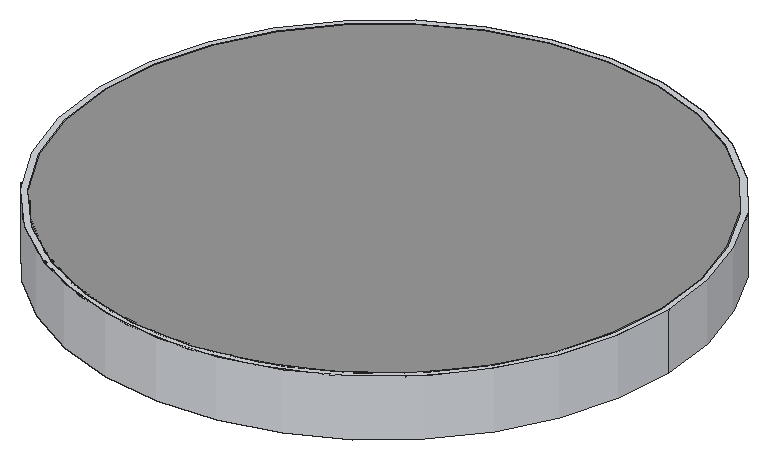
Revit family "2071223", category Lighting Fixtures, host Face, Revit 2018
Family settings
  Host = Face
  Round Connector Dimension = Use Diameter
  Part Type = Normal
  OmniClass Number = 23.80.70.00
  OmniClass Title = Lighting
  Cut with Voids When Loaded = No
  Light Source = Yes
  Shared = No
  Room Calculation Point = No
Parameters (values of type "2071223 COLOSSAL 600 940 OP DIR+H WHT DALI")
  iner diameter = 588 mm
  Weight = "n/a"
  Wattage Comments = ""
  Wattage = 30 W
  WarrantyStartDate [instance] = "n/a"
  WarrantyGuarantorParts = "n/a"
  WarrantyDurationUnit = "n/a"
  WarrantyDurationParts = ""
  WarrantyDescription = "http://www.sylvania-lighting.com"
  built-in parameter 1150110 = 1 (stored number, unit not read)
  Voltage = 230 V
  URL = "0.99"
  TypeName = "COLOSSAL 600mm 940 OPAL DIR+HAL WHITE DALI"
  Type Image = <None>
  Type Comments = "n/a"
  built-in parameter 1114217 = 1 (stored number, unit not read)
  Tilt Angle = -90.00°
  built-in parameter 1150109 = 1 (stored number, unit not read)
  built-in parameter 1150134 = (empty or 0)
  built-in parameter 1150113 = 1 (stored number, unit not read)
  SerialNumber [instance] = "n/a"
  Photometric Web File = "2071223.ies"
  Material_3_SYL = LED-Sylvania
  PowerFactor = 0
  PowerConsumption = "Lighting"
  NominalLength = 600 mm
  NominalHeight = 93 mm
  NominalDepth = 600 mm
  Name = "COLOSSAL 600mm 940 OPAL DIR+HAL WHITE DALI"
  ModelReference = Name  # "COLOSSAL 600mm 940 OPAL DIR+HAL WHITE DALI"
  ModelNumber = "2071223"
  Model = Name  # "COLOSSAL 600mm 940 OPAL DIR+HAL WHITE DALI"
  Material = "Feilo Sylvania"
  ManufacturerName = "116 lm/W"
  Manufacturer = ""
  LuminousEfficacy = ""
  built-in parameter 1150105 = 270.44 (stored number, unit not read)
  Lumens = 3398.4 lm
  LuminaireType = "0"
  built-in parameter 1150115 = 1 (stored number, unit not read)
  LightOutputRatio = "LED"
  built-in parameter 1150137 = (empty or 0)
  built-in parameter 1150139 = (empty or 0)
  LampsType = Lamp  # "n/a"
  LampNominalLuminous = "4000 K"
  LampMacAdamStep = "90"
  LampColourTemperature = "LED"
  LampColourRenderingIndex = "16500"
  built-in parameter 1150112 = 1 (stored number, unit not read)
  built-in parameter 1150114 = 1 (stored number, unit not read)
  Lamp = "n/a"
  Keynote = "n/a"
  InstallationDate [instance] = "n/a"
  InputVoltage = "0"
  InputNominalFrequency = "4000"
  built-in parameter 1150132 = (empty or 0)
  built-in parameter 1150102 = (empty or 0)
  built-in parameter 1150107 = 3000 (stored number, unit not read)
  built-in parameter 1150138 = (empty or 0)
  IngressProtection = "IfcLightFixtureType"
  ImpactProtectionIndex = "IfcLightFixtureType"
  built-in parameter 1150106 = 2.7044 (stored number, unit not read)
  IfcExportType = "IfcLightFixtureType"
  IfcExportAs = "Class I"
  Emit from Circle Diameter = 385 mm
  Emit Shape Visible in Rendering = no
  ElectricShockClassification = "116"
  built-in parameter 1150104 = 10.524 (stored number, unit not read)
  DocumentationLiterature = "http://www.sylvania-lighting.com/product/en-int/products/2071223"
  DimmingControlOptions = "n/a"
  Material_2_SYL = Polycarbonate_Sylvania_White
  Dimming Lamp Color Temperature Shift = <None>
  Description = "600mm diameter circular architectural luminaire, can be surface mounted or suspended. Powder coated aluminium housing (RAL9016) with polycarbonate opal diffuser. Direct/indirect (halo) light distribution, 4635lm luminuous flux, 40.1W system power, 116lm/W luminiaire efficacy. DALI dimmable. Colour rendering index Ra >90, 4000K Neutral White LED, chromaticity tolerance of 3-step MacAdam ellipse. IP40, IK03. 450mA drive current. Electrical protection Class1, 220-240V. Reported lifetime 66k hours L90B10."
  Default Elevation = 1219.2 mm
  CreatedOn = "23/03/2022"
  CreatedBy = "@sylvania-lighting.com"
  Cost = 0
  Color Filter = 16777215
  built-in parameter 1114216 [instance] = (empty or 0)
  ClassificationValue = "EF_70_80"
  ClassificationName = "Uniclass2015"
  Material_1_SYL = Polycarbonate_Sylvania_Opal
  BarCode [instance] = "n/a"
  built-in parameter 1114218 = 1 (stored number, unit not read)
  built-in parameter 1150133 = 10 (stored number, unit not read)
  AssetType = "Fixed"
  AssetIdentifier [instance] = "n/a"
  Assembly Code = "D5020200"
  Apparent Load = 40.1 VA
  Material_4_SYL = none
Reference planes
  plane 1 "Center (Front/Back)": y = 0
  plane 2: z = 0
  plane 3 "Center (Left/Right)": x = 0
  plane 4: x = -300
  plane 5: x = 300
  plane 6: y = 300
  plane 7: y = -300
  plane 8: y = 212
  plane 9: y = -212
  plane 10: z = 93
  plane 11: y = 294
  plane 12: y = -294
  plane 13: through (0, 0, 1219.2) normal (0.5, -0.866, 0)
  plane 14: through (-134.29, 20.617, 1219.2) normal (0.5, -0.866, 0)
  plane 15: through (-144.685, -181.683, 1219.2) normal (-0.5, 0.866, 0)
  plane 16: through (0, 0, 1219.2) normal (0.5, 0.866, 0)
  plane 17: through (178.555, -4.939, 1219.2) normal (0.5, 0.866, 0)
  plane 18: through (87.581, -148.715, 1219.2) normal (0.5, 0.866, 0)
  plane 19: y = 272
  plane 20: through (105.168, 227.067, 1219.2) normal (0.866, 0.5, 0)
  plane 21: through (-104.171, 225.672, 1219.2) normal (0.8572, -0.515, 0)
  plane 22: y = -204.612
  plane 23: through (-296.643, -30.2, 1219.2) normal (0.866, 0.5, 0)
  plane 24: through (153.092, -278.837, 1219.2) normal (-0.866, 0.5, 0)
Forms (mm)
  Extrusion 1, solid, detail levels medium+fine
    sketch origin (0, 0, 0) x (1, 0, 0) y (0, 1, 0)
      loop
        circle (0, 0) r 300
    from 33.023 to 93
  Extrusion 2, void
    sketch origin (0, 0, 0) x (1, 0, 0) y (0, 1, 0)
      loop
        circle (0, 0) r 294
    from 93 to 37.292
  Extrusion 3, solid, material "Glass, White, High Luminance", detail levels fine
    sketch origin (0, 0, 0) x (1, 0, 0) y (0, 1, 0)
      loop
        circle (0, 0) r 294
    from 88.026 to 93
  Extrusion 4, solid, detail levels coarse
    sketch origin (0, 0, 0) x (1, 0, 0) y (0, 1, 0)
      loop
        line (-300, 300) -> (-300, -300) -> (300, -300) -> (300, 300) -> (-300, 300)
    from 0 to 93
  Blend 5, solid, detail levels medium+fine
    base sketch origin (0, 0, 0) x (1, 0, 0) y (0, 1, 0)
      loop
        line (-76.334, 272) -> (-277.665, -63.07) -> (-195.946, -204.612) -> (195.946, -204.612) -> (275.172, -67.388) -> (79.226, 272) -> (-76.334, 272)
    top sketch origin (0, 0, 0) x (1, 0, 0) y (0, 1, 0)
      loop
        line (-226.097, -32.388) -> (-141.097, -179.612) -> (141.097, -179.612) -> (226.097, -32.388) -> (85, 212) -> (-85, 212) -> (-226.097, -32.388)
    from 33.023 to 0
Cuts and joins
  Extrusion 2 cuts Extrusion 1
Lines and regions (mm)
  model lines
    curve 1: line (-85, 212, 0) -> (0, 212, 0)
    curve 2: line (0, 212, 0) -> (85, 212, 0)
Dimensions and locks
  "NominalDepth": plane 6 to plane 7
  "NominalLength": plane 4 to plane 5
  equal spacing: plane 4, plane 3 "Center (Left/Right)", plane 5
  "iner diameter": plane 11 to plane 12
  equal spacing: plane 11, plane 1 "Center (Front/Back)", plane 12
  equal spacing: plane 6, plane 1 "Center (Front/Back)", plane 7
  "NominalHeight": plane 10 to level
  radius of Extrusion 2 sketch curve = 294 mm
  aligned and locked: plane 2 to host face
  aligned and locked: level to host face
Automatic sketch dimensions
  host sketch curve to host sketch curve = 2438.4 mm  (x2)
  plane 1 "Center (Front/Back)" to Extrusion 1 sketch curve = 0 mm
  Extrusion 1 sketch curve to plane 3 "Center (Left/Right)" = 0 mm
  plane 1 "Center (Front/Back)" to Extrusion 2 sketch curve = 0 mm
  Extrusion 2 sketch curve to plane 3 "Center (Left/Right)" = 0 mm
  plane 1 "Center (Front/Back)" to Extrusion 3 sketch curve = 0 mm
  Extrusion 3 sketch curve to plane 3 "Center (Left/Right)" = 0 mm
  Extrusion 4 sketch curve to plane 4 = 0 mm
  Extrusion 4 sketch curve to plane 5 = 0 mm
  Extrusion 4 sketch curve to plane 7 = 0 mm
  Extrusion 4 sketch curve to plane 6 = 0 mm
  Blend 5 sketch curve to plane 8 = 0 mm
  Blend 5 sketch curve to plane 3 "Center (Left/Right)" = 85 mm
  plane 3 "Center (Left/Right)" to Blend 5 sketch curve = 85 mm
  plane 9 to Blend 5 sketch curve = 32.388 mm
  plane 3 "Center (Left/Right)" to Blend 5 sketch curve = 141.097 mm
  plane 1 "Center (Front/Back)" to Blend 5 sketch curve = 32.388 mm  (x2)
  Blend 5 sketch curve to plane 5 = 73.903 mm
  Blend 5 sketch curve to plane 3 "Center (Left/Right)" = 141.097 mm
  plane 4 to Blend 5 sketch curve = 73.903 mm
  curve 1 to plane 8 = 0 mm
  curve 2 to plane 3 "Center (Left/Right)" = 0 mm
  curve 1 to plane 3 "Center (Left/Right)" = 85 mm
  curve 1 to curve 2 = 85 mm
  Blend 5 sketch curve to plane 21 = 0 mm
  Blend 5 sketch curve to plane 23 = 0 mm  (x2)
  Blend 5 sketch curve to plane 22 = 0 mm
  Blend 5 sketch curve to plane 19 = 0 mm
  plane 21 to Blend 5 sketch curve = 0 mm
  Blend 5 sketch curve to plane 20 = 0 mm  (x2)
  Blend 5 sketch curve to plane 24 = 0 mm  (x2)
  radius of Extrusion 1 sketch curve = 300 mm
  radius of Extrusion 3 sketch curve = 294 mm
Connectors
  electrical at (0, 0, 0), driven by "Apparent Load", driven by "PowerFactor", driven by "Voltage"
    settings: index 1, voltage 230 V, apparent load 40.1 VA, apparent load phase1 0 VA, apparent load phase2 0 VA, apparent load phase3 0 VA, power factor 0, load classification "Lighting", number of poles 1, system type 30, power factor state 1, is connector primary yes, connector utility no, sub classification motor no, connector description ""
